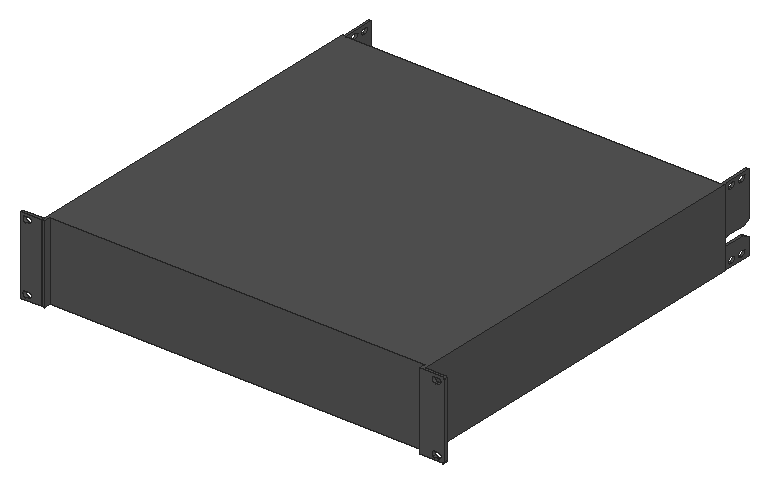
Revit family "D series - 2u", category Communication Devices, Revit 2020 (continued)
Lines and regions (mm)
  model lines, detail levels medium+fine
    curve 126: line (-149.126, 4.2, 42.064) -> (-148.974, 4.2, 42.146)
    curve 127: line (-149.459, 4.2, 42.064) -> (-149.126, 4.2, 42.064)
    curve 128: line (-149.689, 4.2, 42.199) -> (-149.459, 4.2, 42.064)
    curve 129: line (-150.004, 4.2, 42.762) -> (-149.689, 4.2, 42.199)
    curve 130: line (-152.56, 4.2, 42.772) -> (-150.022, 4.2, 42.772)
    curve 131: line (-152.893, 4.2, 42.199) -> (-152.578, 4.2, 42.762)
    curve 132: line (-153.123, 4.2, 42.064) -> (-152.893, 4.2, 42.199)
    curve 133: line (-153.466, 4.2, 42.064) -> (-153.123, 4.2, 42.064)
    curve 134: line (-153.615, 4.2, 42.32) -> (-153.466, 4.2, 42.064)
    curve 135: line (-153.358, 4.2, 42.773) -> (-153.615, 4.2, 42.32)
    curve 136: line (-155.493, 4.2, 42.773) -> (-153.358, 4.2, 42.773)
    curve 137: line (-155.698, 4.2, 42.978) -> (-155.493, 4.2, 42.773)
    curve 138: line (-155.698, 4.2, 45.455) -> (-155.698, 4.2, 42.978)
    curve 139: line (-155.493, 4.2, 45.66) -> (-155.698, 4.2, 45.455)
    curve 140: line (-155.21, 4.2, 45.66) -> (-155.493, 4.2, 45.66)
    curve 141: line (-155.005, 4.2, 45.455) -> (-155.21, 4.2, 45.66)
    curve 142: line (-155.005, 4.2, 43.411) -> (-155.005, 4.2, 45.455)
    curve 143: line (-153.009, 4.2, 43.411) -> (-155.005, 4.2, 43.411)
    curve 144: line (-151.798, 4.2, 45.526) -> (-152.99, 4.2, 43.421)
    curve 145: line (-151.568, 4.2, 45.66) -> (-151.798, 4.2, 45.526)
    curve 146: line (-151.019, 4.2, 45.66) -> (-151.568, 4.2, 45.66)
    curve 147: line (-150.79, 4.2, 45.526) -> (-151.019, 4.2, 45.66)
    curve 148: line (-146.739, 4.2, 45.017) -> (-145.805, 4.2, 44.617)
    curve 149: line (-148.393, 4.2, 45.017) -> (-146.739, 4.2, 45.017)
    curve 150: line (-148.393, 4.2, 44.212) -> (-148.393, 4.2, 45.017)
    curve 151: line (-146.739, 4.2, 44.212) -> (-148.393, 4.2, 44.212)
    curve 152: line (-145.923, 4.2, 44.283) -> (-146.739, 4.2, 44.212)
    curve 153: line (-145.805, 4.2, 44.617) -> (-145.923, 4.2, 44.283)
    curve 154: line (-145.189, 4.2, 42.351) -> (-145.333, 4.2, 43.969)
    curve 155: line (-146.739, 4.2, 42.051) -> (-145.189, 4.2, 42.351)
    curve 156: line (-148.12, 4.2, 42.051) -> (-146.739, 4.2, 42.051)
    curve 157: line (-148.21, 4.2, 42.257) -> (-148.12, 4.2, 42.051)
    curve 158: line (-146.739, 4.2, 42.691) -> (-148.21, 4.2, 42.257)
    curve 159: line (-145.768, 4.2, 43.483) -> (-146.739, 4.2, 42.691)
    curve 160: line (-146.739, 4.2, 43.572) -> (-145.768, 4.2, 43.483)
    curve 161: line (-148.395, 4.2, 43.572) -> (-146.739, 4.2, 43.572)
    curve 162: line (-148.395, 4.2, 42.87) -> (-148.395, 4.2, 43.572)
    curve 163: line (-148.987, 4.2, 43.407) -> (-148.395, 4.2, 42.87)
    curve 164: line (-149.088, 4.2, 43.637) -> (-148.987, 4.2, 43.407)
    curve 165: line (-149.088, 4.2, 45.451) -> (-149.088, 4.2, 43.637)
    curve 166: line (-148.883, 4.2, 45.657) -> (-149.088, 4.2, 45.451)
    curve 167: line (-146.821, 4.2, 45.657) -> (-148.883, 4.2, 45.657)
    curve 168: line (-146.655, 4.2, 45.655) -> (-146.821, 4.2, 45.657)
    curve 169: line (-145.964, 4.2, 45.636) -> (-146.655, 4.2, 45.655)
    curve 170: line (-145.211, 4.2, 45.201) -> (-145.964, 4.2, 45.636)
    curve 171: line (-145.333, 4.2, 43.969) -> (-145.211, 4.2, 45.201)
    curve 172: line (-158.19, 4.2, 43.27) -> (-160.422, 4.2, 43.769)
    curve 173: line (-159.535, 4.2, 41.911) -> (-158.183, 4.2, 43.263)
    curve 174: line (-162.573, 4.2, 43.798) -> (-159.535, 4.2, 41.911)
    curve 175: line (-162.415, 4.2, 44.033) -> (-162.573, 4.2, 43.798)
    curve 176: line (-161.198, 4.2, 42.321) -> (-162.415, 4.2, 44.033)
    curve 177: line (-162.095, 4.2, 44.334) -> (-161.172, 4.2, 42.347)
    curve 178: line (-160.783, 4.2, 42.736) -> (-161.988, 4.2, 44.401)
    curve 179: line (-161.686, 4.2, 44.524) -> (-160.757, 4.2, 42.762)
    curve 180: line (-161.526, 4.2, 44.556) -> (-161.686, 4.2, 44.524)
    curve 181: line (-160.369, 4.2, 43.151) -> (-161.526, 4.2, 44.556)
    curve 182: line (-161.225, 4.2, 44.561) -> (-160.342, 4.2, 43.177)
    curve 183: line (-160.947, 4.2, 44.508) -> (-161.225, 4.2, 44.561)
    curve 184: line (-160.422, 4.2, 43.769) -> (-160.947, 4.2, 44.508)
    curve 185: line (-158.19, 4.2, 43.27) -> (-160.422, 4.2, 43.769)
    curve 186: line (-159.535, 4.2, 41.911) -> (-158.183, 4.2, 43.263)
    curve 187: line (-162.573, 4.2, 43.798) -> (-159.535, 4.2, 41.911)
    curve 188: line (-162.415, 4.2, 44.033) -> (-162.573, 4.2, 43.798)
    curve 189: line (-161.198, 4.2, 42.321) -> (-162.415, 4.2, 44.033)
    curve 190: line (-162.095, 4.2, 44.334) -> (-161.172, 4.2, 42.347)
    curve 191: line (-160.783, 4.2, 42.736) -> (-161.988, 4.2, 44.401)
    curve 192: line (-161.686, 4.2, 44.524) -> (-160.757, 4.2, 42.762)
    curve 193: line (-161.526, 4.2, 44.556) -> (-161.686, 4.2, 44.524)
    curve 194: line (-160.369, 4.2, 43.151) -> (-161.526, 4.2, 44.556)
    curve 195: line (-161.225, 4.2, 44.561) -> (-160.342, 4.2, 43.177)
    curve 196: line (-160.947, 4.2, 44.508) -> (-161.225, 4.2, 44.561)
    curve 197: line (-160.422, 4.2, 43.769) -> (-160.947, 4.2, 44.508)
    curve 198: line (-157.802, 4.2, 44.211) -> (-160.839, 4.2, 46.09)
    curve 199: line (-157.962, 4.2, 43.972) -> (-157.802, 4.2, 44.211)
    curve 200: line (-159.179, 4.2, 45.684) -> (-157.962, 4.2, 43.972)
    curve 201: line (-158.282, 4.2, 43.672) -> (-159.206, 4.2, 45.658)
    curve 202: line (-159.593, 4.2, 45.269) -> (-158.389, 4.2, 43.605)
    curve 203: line (-158.691, 4.2, 43.481) -> (-159.62, 4.2, 45.243)
    curve 204: line (-158.851, 4.2, 43.449) -> (-158.691, 4.2, 43.481)
    curve 205: line (-160.009, 4.2, 44.854) -> (-158.851, 4.2, 43.449)
    curve 206: line (-159.152, 4.2, 43.444) -> (-160.035, 4.2, 44.828)
    curve 207: line (-159.43, 4.2, 43.497) -> (-159.152, 4.2, 43.444)
    curve 208: line (-162.192, 4.2, 44.737) -> (-159.43, 4.2, 43.497)
    curve 209: line (-160.839, 4.2, 46.09) -> (-162.192, 4.2, 44.737)
    curve 210: line (-157.802, 4.2, 44.211) -> (-160.839, 4.2, 46.09)
    curve 211: line (-157.962, 4.2, 43.972) -> (-157.802, 4.2, 44.211)
    curve 212: line (-159.179, 4.2, 45.684) -> (-157.962, 4.2, 43.972)
    curve 213: line (-158.282, 4.2, 43.672) -> (-159.206, 4.2, 45.658)
    curve 214: line (-159.593, 4.2, 45.269) -> (-158.389, 4.2, 43.605)
    curve 215: line (-158.691, 4.2, 43.481) -> (-159.62, 4.2, 45.243)
    curve 216: line (-158.851, 4.2, 43.449) -> (-158.691, 4.2, 43.481)
    curve 217: line (-160.009, 4.2, 44.854) -> (-158.851, 4.2, 43.449)
    curve 218: line (-159.152, 4.2, 43.444) -> (-160.035, 4.2, 44.828)
    curve 219: line (-159.43, 4.2, 43.497) -> (-159.152, 4.2, 43.444)
    curve 220: line (-162.192, 4.2, 44.737) -> (-159.43, 4.2, 43.497)
    curve 221: line (-160.839, 4.2, 46.09) -> (-162.192, 4.2, 44.737)
    curve 222: line (-158.183, 4.2, 43.263) -> (-159.535, 4.2, 41.911)
    curve 223: line (-160.947, 4.2, 44.508) -> (-158.19, 4.2, 43.27)
    curve 224: line (-161.225, 4.2, 44.561) -> (-160.947, 4.2, 44.508)
    curve 225: line (-160.342, 4.2, 43.177) -> (-161.225, 4.2, 44.561)
    curve 226: line (-161.526, 4.2, 44.556) -> (-160.369, 4.2, 43.151)
    curve 227: line (-161.686, 4.2, 44.524) -> (-161.526, 4.2, 44.556)
    curve 228: line (-160.757, 4.2, 42.762) -> (-161.686, 4.2, 44.524)
    curve 229: line (-161.988, 4.2, 44.401) -> (-160.783, 4.2, 42.736)
    curve 230: line (-161.172, 4.2, 42.347) -> (-162.095, 4.2, 44.333)
    curve 231: line (-162.415, 4.2, 44.033) -> (-161.198, 4.2, 42.321)
    curve 232: line (-162.573, 4.2, 43.798) -> (-162.415, 4.2, 44.033)
    curve 233: line (-159.535, 4.2, 41.911) -> (-162.573, 4.2, 43.798)
    curve 234: line (-157.802, 4.2, 44.211) -> (-157.962, 4.2, 43.972)
    curve 235: line (-160.839, 4.2, 46.09) -> (-157.802, 4.2, 44.211)
    curve 236: line (-162.192, 4.2, 44.737) -> (-160.839, 4.2, 46.09)
    curve 237: line (-159.43, 4.2, 43.497) -> (-162.192, 4.2, 44.737)
    curve 238: line (-159.152, 4.2, 43.444) -> (-159.43, 4.2, 43.497)
    curve 239: line (-160.035, 4.2, 44.828) -> (-159.152, 4.2, 43.444)
    curve 240: line (-158.851, 4.2, 43.449) -> (-160.008, 4.2, 44.854)
    curve 241: line (-158.691, 4.2, 43.481) -> (-158.851, 4.2, 43.449)
    curve 242: line (-159.62, 4.2, 45.243) -> (-158.691, 4.2, 43.481)
    curve 243: line (-158.389, 4.2, 43.605) -> (-159.593, 4.2, 45.269)
    curve 244: line (-159.206, 4.2, 45.658) -> (-158.282, 4.2, 43.672)
    curve 245: line (-157.962, 4.2, 43.972) -> (-159.179, 4.2, 45.684)
    curve 246: line (116.374, 4.2, 43.812) -> (116.374, 4.2, 44.148)
    curve 247: line (115.523, 4.2, 42.708) -> (116.374, 4.2, 43.812)
    curve 248: line (113.419, 4.2, 42.708) -> (115.523, 4.2, 42.708)
    curve 249: line (113.419, 4.2, 45.27) -> (113.419, 4.2, 42.708)
    curve 250: line (115.591, 4.2, 45.27) -> (113.419, 4.2, 45.27)
    curve 251: line (116.374, 4.2, 44.148) -> (115.591, 4.2, 45.27)
    curve 252: line (113.005, 4.2, 42.344) -> (113.005, 4.2, 45.633)
    curve 253: line (115.468, 4.2, 42.344) -> (113.005, 4.2, 42.344)
    curve 254: line (115.481, 4.2, 45.633) -> (115.468, 4.2, 42.344)
    curve 255: line (113.005, 4.2, 45.633) -> (115.481, 4.2, 45.633)
    curve 256: line (119.486, 4.2, 43.139) -> (119.486, 4.2, 43.38)
    curve 257: line (120.624, 4.2, 42.308) -> (119.486, 4.2, 43.139)
    curve 258: line (121.776, 4.2, 42.308) -> (120.624, 4.2, 42.308)
    curve 259: line (123.008, 4.2, 43.176) -> (121.776, 4.2, 42.308)
    curve 260: line (123.008, 4.2, 43.389) -> (123.008, 4.2, 43.176)
    curve 261: line (121.861, 4.2, 44.198) -> (123.008, 4.2, 43.389)
    curve 262: line (120.633, 4.2, 44.198) -> (121.861, 4.2, 44.198)
    curve 263: line (120.955, 4.2, 45.306) -> (120.633, 4.2, 44.198)
    curve 264: line (121.395, 4.2, 45.306) -> (120.955, 4.2, 45.306)
    curve 265: line (122.542, 4.2, 44.689) -> (121.395, 4.2, 45.306)
    curve 266: line (122.932, 4.2, 44.689) -> (122.542, 4.2, 44.689)
    curve 267: line (121.645, 4.2, 45.67) -> (122.932, 4.2, 44.802)
    curve 268: line (120.752, 4.2, 45.67) -> (121.645, 4.2, 45.67)
    curve 269: line (121.162, 4.2, 43.798) -> (120.752, 4.2, 45.67)
    curve 270: line (121.949, 4.2, 43.798) -> (121.162, 4.2, 43.798)
    curve 271: line (121.84, 4.2, 42.671) -> (121.949, 4.2, 43.798)
    curve 272: line (120.552, 4.2, 42.671) -> (121.84, 4.2, 42.671)
    curve 273: line (119.875, 4.2, 43.148) -> (120.552, 4.2, 42.671)
    curve 274: line (119.875, 4.2, 43.38) -> (119.875, 4.2, 43.148)
    curve 275: line (119.486, 4.2, 43.38) -> (119.875, 4.2, 43.38)
    curve 276: line (123.74, 4.2, 42.344) -> (123.74, 4.2, 45.633)
    curve 277: line (126.767, 4.2, 42.344) -> (123.74, 4.2, 42.344)
    curve 278: line (126.767, 4.2, 42.708) -> (126.767, 4.2, 42.344)
    curve 279: line (124.155, 4.2, 42.708) -> (126.767, 4.2, 42.708)
    curve 280: line (124.155, 4.2, 43.857) -> (124.155, 4.2, 42.708)
    curve 281: line (126.649, 4.2, 43.857) -> (124.155, 4.2, 43.857)
    curve 282: line (126.649, 4.2, 44.221) -> (126.649, 4.2, 43.857)
    curve 283: line (124.155, 4.2, 44.221) -> (126.649, 4.2, 44.221)
    curve 284: line (124.155, 4.2, 45.27) -> (124.155, 4.2, 44.221)
    curve 285: line (126.75, 4.2, 45.27) -> (124.155, 4.2, 45.27)
    curve 286: line (126.75, 4.2, 45.633) -> (126.75, 4.2, 45.27)
    curve 287: line (123.74, 4.2, 45.633) -> (126.75, 4.2, 45.633)
    curve 288: line (127.787, 4.2, 44.007) -> (129.777, 4.2, 44.007)
    curve 289: line (127.787, 4.2, 45.27) -> (127.787, 4.2, 44.007)
    curve 290: line (129.675, 4.2, 45.27) -> (127.787, 4.2, 45.27)
    curve 291: line (130.433, 4.2, 44.784) -> (129.675, 4.2, 45.27)
    curve 292: line (130.433, 4.2, 44.484) -> (130.433, 4.2, 44.784)
    curve 293: line (129.777, 4.2, 44.007) -> (130.433, 4.2, 44.484)
    curve 294: line (127.372, 4.2, 42.344) -> (127.372, 4.2, 45.633)
    curve 295: line (127.787, 4.2, 42.344) -> (127.372, 4.2, 42.344)
    curve 296: line (127.787, 4.2, 43.644) -> (127.787, 4.2, 42.344)
    curve 297: line (129.811, 4.2, 43.644) -> (127.787, 4.2, 43.644)
    curve 298: line (130.421, 4.2, 43.067) -> (129.811, 4.2, 43.644)
    curve 299: line (130.421, 4.2, 42.344) -> (130.421, 4.2, 43.067)
    curve 300: line (130.81, 4.2, 42.344) -> (130.421, 4.2, 42.344)
    curve 301: line (130.81, 4.2, 43.185) -> (130.81, 4.2, 42.344)
    curve 302: line (130.281, 4.2, 43.807) -> (130.81, 4.2, 43.185)
    curve 303: line (130.848, 4.2, 44.434) -> (130.281, 4.2, 43.807)
    curve 304: line (130.848, 4.2, 44.702) -> (130.848, 4.2, 44.434)
    curve 305: line (129.824, 4.2, 45.633) -> (130.848, 4.2, 44.702)
    curve 306: line (127.372, 4.2, 45.633) -> (129.824, 4.2, 45.633)
    curve 307: line (131.589, 4.2, 42.344) -> (131.589, 4.2, 45.633)
    curve 308: line (132.004, 4.2, 42.344) -> (131.589, 4.2, 42.344)
    curve 309: line (132.004, 4.2, 45.633) -> (132.004, 4.2, 42.344)
    curve 310: line (131.589, 4.2, 45.633) -> (132.004, 4.2, 45.633)
    curve 311: line (132.829, 4.2, 42.344) -> (132.829, 4.2, 45.633)
    curve 312: line (135.856, 4.2, 42.344) -> (132.829, 4.2, 42.344)
    curve 313: line (135.856, 4.2, 42.708) -> (135.856, 4.2, 42.344)
    curve 314: line (133.244, 4.2, 42.708) -> (135.856, 4.2, 42.708)
    curve 315: line (133.244, 4.2, 43.857) -> (133.244, 4.2, 42.708)
    curve 316: line (135.737, 4.2, 43.857) -> (133.244, 4.2, 43.857)
    curve 317: line (135.737, 4.2, 44.221) -> (135.737, 4.2, 43.857)
    curve 318: line (133.244, 4.2, 44.221) -> (135.737, 4.2, 44.221)
    curve 319: line (133.244, 4.2, 45.27) -> (133.244, 4.2, 44.221)
    curve 320: line (135.839, 4.2, 45.27) -> (133.244, 4.2, 45.27)
    curve 321: line (135.839, 4.2, 45.633) -> (135.839, 4.2, 45.27)
    curve 322: line (132.829, 4.2, 45.633) -> (135.839, 4.2, 45.633)
    curve 323: line (136.411, 4.2, 43.139) -> (136.411, 4.2, 43.38)
    curve 324: line (137.549, 4.2, 42.308) -> (136.411, 4.2, 43.139)
    curve 325: line (138.701, 4.2, 42.308) -> (137.549, 4.2, 42.308)
    curve 326: line (139.932, 4.2, 43.176) -> (138.701, 4.2, 42.308)
    curve 327: line (139.932, 4.2, 43.389) -> (139.932, 4.2, 43.176)
    curve 328: line (138.785, 4.2, 44.198) -> (139.932, 4.2, 43.389)
    curve 329: line (137.558, 4.2, 44.198) -> (138.785, 4.2, 44.198)
    curve 330: line (137.88, 4.2, 45.306) -> (137.558, 4.2, 44.198)
    curve 331: line (138.32, 4.2, 45.306) -> (137.88, 4.2, 45.306)
    curve 332: line (139.467, 4.2, 44.689) -> (138.32, 4.2, 45.306)
    curve 333: line (139.856, 4.2, 44.689) -> (139.467, 4.2, 44.689)
    curve 334: line (138.57, 4.2, 45.67) -> (139.856, 4.2, 44.802)
    curve 335: line (137.676, 4.2, 45.67) -> (138.57, 4.2, 45.67)
    curve 336: line (138.087, 4.2, 43.798) -> (137.676, 4.2, 45.67)
    curve 337: line (138.874, 4.2, 43.798) -> (138.087, 4.2, 43.798)
    curve 338: line (138.764, 4.2, 42.671) -> (138.874, 4.2, 43.798)
    curve 339: line (137.477, 4.2, 42.671) -> (138.764, 4.2, 42.671)
    curve 340: line (136.8, 4.2, 43.148) -> (137.477, 4.2, 42.671)
    curve 341: line (136.8, 4.2, 43.38) -> (136.8, 4.2, 43.148)
    curve 342: line (136.411, 4.2, 43.38) -> (136.8, 4.2, 43.38)
    curve 343: line (62.74, 4.2, 50.337) -> (62.74, 4.2, 50.611)
    curve 344: line (62.713, 4.2, 50.337) -> (62.987, 4.2, 50.337)
    curve 345: line (62.713, 4.2, 50.611) -> (62.713, 4.2, 50.337)
    curve 346: line (62.987, 4.2, 50.611) -> (62.713, 4.2, 50.611)
    curve 347: line (62.729, 4.2, 50.682) -> (62.97, 4.2, 50.682)
    curve 348: line (62.642, 4.2, 50.354) -> (62.642, 4.2, 50.593)
    curve 349: line (62.97, 4.2, 50.266) -> (62.729, 4.2, 50.266)
    curve 350: line (62.693, 4.2, 49.339) -> (60.836, 4.2, 49.408)
    curve 351: line (61.351, 4.2, 49.254) -> (62.693, 4.2, 49.254)
    curve 352: line (61.793, 4.2, 48.643) -> (61.351, 4.2, 49.254)
    curve 353: line (62.145, 4.2, 48.925) -> (61.793, 4.2, 48.643)
    curve 354: line (62.669, 4.2, 48.925) -> (62.145, 4.2, 48.925)
    curve 355: line (60.836, 4.2, 49.408) -> (62.669, 4.2, 48.925)
    curve 356: line (61.366, 4.2, 49.677) -> (62.164, 4.2, 49.677)
    curve 357: line (62.164, 4.2, 49.677) -> (61.366, 4.2, 49.677)
    curve 358: line (57.269, 4.2, 49.658) -> (56.54, 4.2, 48.845)
    curve 359: line (57.098, 4.2, 49.853) -> (57.269, 4.2, 49.658)
    curve 360: line (56.601, 4.2, 49.853) -> (57.098, 4.2, 49.853)
    curve 361: line (58.14, 4.2, 50.427) -> (56.601, 4.2, 49.853)
    curve 362: line (58.266, 4.2, 48.819) -> (58.14, 4.2, 50.427)
    curve 363: line (58.378, 4.2, 48.257) -> (58.266, 4.2, 48.819)
    curve 364: line (57.821, 4.2, 48.165) -> (58.378, 4.2, 48.165)
    curve 365: line (57.775, 4.2, 48.48) -> (57.789, 4.2, 48.299)
    curve 366: line (56.54, 4.2, 48.845) -> (57.775, 4.2, 48.48)
    curve 367: line (57.696, 4.2, 48.823) -> (57.307, 4.2, 48.582)
    curve 368: line (57.757, 4.2, 49.148) -> (57.696, 4.2, 48.823)
    curve 369: line (57.757, 4.2, 49.388) -> (57.757, 4.2, 49.148)
    curve 370: line (57.52, 4.2, 49.282) -> (57.757, 4.2, 49.388)
    curve 371: line (57.061, 4.2, 48.819) -> (57.52, 4.2, 49.282)
    curve 372: line (57.307, 4.2, 48.582) -> (57.061, 4.2, 48.819)
    curve 373: line (59.575, 4.2, 49.209) -> (59.361, 4.2, 48.929)
    curve 374: line (59.361, 4.2, 48.929) -> (59.361, 4.2, 48.165)
    curve 375: line (59.361, 4.2, 48.165) -> (58.856, 4.2, 48.165)
    curve 376: line (58.856, 4.2, 48.165) -> (58.856, 4.2, 53.281)
    curve 377: line (58.856, 4.2, 53.281) -> (59.361, 4.2, 53.281)
    curve 378: line (59.361, 4.2, 53.281) -> (59.361, 4.2, 49.677)
    curve 379: line (59.361, 4.2, 49.677) -> (59.997, 4.2, 50.6)
    curve 380: line (59.997, 4.2, 50.6) -> (60.633, 4.2, 50.6)
    curve 381: line (60.633, 4.2, 50.6) -> (59.946, 4.2, 49.663)
    curve 382: line (59.946, 4.2, 49.663) -> (60.66, 4.2, 48.165)
    curve 383: line (60.66, 4.2, 48.165) -> (60.039, 4.2, 48.165)
    curve 384: line (60.039, 4.2, 48.165) -> (59.575, 4.2, 49.209)
    curve 385: line (55.566, 4.2, 53.291) -> (56.113, 4.2, 53.291)
    curve 386: line (56.113, 4.2, 53.291) -> (56.113, 4.2, 48.165)
    curve 387: line (56.113, 4.2, 48.165) -> (55.566, 4.2, 48.165)
    curve 388: line (55.566, 4.2, 48.165) -> (55.566, 4.2, 53.291)
    curve 389: line (54.843, 4.2, 55.946) -> (63.291, 4.2, 55.946)
    curve 390: line (63.291, 4.2, 55.946) -> (63.291, 4.2, 47.497)
    curve 391: line (63.291, 4.2, 47.497) -> (54.843, 4.2, 47.497)
    curve 392: line (54.843, 4.2, 47.497) -> (54.843, 4.2, 55.946)
  model lines
    curve 393: line (200.5, 4.2, 33.55) -> (200.5, 4.2, 54.45)
Dimensions and locks
  aligned and locked: level to plane 2
Connectors
  electrical at (-188.4, 425.4, 65.3)
    settings: on cut or joined group 1 (Extrusion 1, Extrusion 2, Extrusion 3, Extrusion 4, Extrusion 6, Extrusion 7, Extrusion 8, Extrusion 9, Extrusion 10, Extrusion 11, Extrusion 12, Extrusion 13, Extrusion 14, Extrusion 15, Extrusion 16, Extrusion 17, Extrusion 18, Extrusion 19, Extrusion 20), index 1, voltage 120 V, apparent load 0 VA, apparent load phase1 0 VA, apparent load phase2 0 VA, apparent load phase3 0 VA, power factor 1, load classification "Other", number of poles 1, system type 31, power factor state 1, is connector primary yes, connector utility no, sub classification motor no, connector description "100-240VAC Powercon"
  electrical at (-188.4, 425.4, 65.3)
    settings: on cut or joined group 1, index 2, voltage 0 V, apparent load 0 VA, apparent load phase1 0 VA, apparent load phase2 0 VA, apparent load phase3 0 VA, power factor 1, load classification "Other", number of poles 1, system type 31, power factor state 1, is connector primary no, connector utility no, sub classification motor no, connector description ""
  electrical at (192.224, 425.4, 63.311)
    settings: on cut or joined group 1, index 3, voltage 0 V, apparent load 0 VA, apparent load phase1 0 VA, apparent load phase2 0 VA, apparent load phase3 0 VA, power factor 1, load classification "Other", number of poles 1, system type 14, power factor state 1, is connector primary no, connector utility no, sub classification motor no, connector description "Speaker Out - 2pin"
  electrical at (165.224, 425.4, 63.311)
    settings: on cut or joined group 1, index 4, voltage 0 V, apparent load 0 VA, apparent load phase1 0 VA, apparent load phase2 0 VA, apparent load phase3 0 VA, power factor 1, load classification "Other", number of poles 1, system type 14, power factor state 1, is connector primary no, connector utility no, sub classification motor no, connector description "Speaker Out - 2pin"
  electrical at (131.225, 425.4, 63.311)
    settings: on cut or joined group 1, index 5, voltage 0 V, apparent load 0 VA, apparent load phase1 0 VA, apparent load phase2 0 VA, apparent load phase3 0 VA, power factor 1, load classification "Other", number of poles 1, system type 14, power factor state 1, is connector primary no, connector utility no, sub classification motor no, connector description "Speaker Out - 2pin"
  electrical at (104.195, 425.4, 63.311)
    settings: on cut or joined group 1, index 6, voltage 0 V, apparent load 0 VA, apparent load phase1 0 VA, apparent load phase2 0 VA, apparent load phase3 0 VA, power factor 1, load classification "Other", number of poles 1, system type 14, power factor state 1, is connector primary no, connector utility no, sub classification motor no, connector description "Speaker Out - 2pin"
  electrical at (76.215, 425.4, 58.947)
    settings: on cut or joined group 1, index 7, voltage 0 V, apparent load 0 VA, apparent load phase1 0 VA, apparent load phase2 0 VA, apparent load phase3 0 VA, power factor 1, load classification "Other", number of poles 1, system type 14, power factor state 1, is connector primary no, connector utility no, sub classification motor no, connector description "Analog In - 3pin"
  electrical at (50.158, 425.4, 58.947)
    settings: on cut or joined group 1, index 8, voltage 0 V, apparent load 0 VA, apparent load phase1 0 VA, apparent load phase2 0 VA, apparent load phase3 0 VA, power factor 1, load classification "Other", number of poles 1, system type 14, power factor state 1, is connector primary no, connector utility no, sub classification motor no, connector description "Analog In - 3pin"
  electrical at (24.012, 425.4, 58.947)
    settings: on cut or joined group 1, index 9, voltage 0 V, apparent load 0 VA, apparent load phase1 0 VA, apparent load phase2 0 VA, apparent load phase3 0 VA, power factor 1, load classification "Other", number of poles 1, system type 14, power factor state 1, is connector primary no, connector utility no, sub classification motor no, connector description "Analog In - 3pin"
  electrical at (-2.087, 425.4, 58.947)
    settings: on cut or joined group 1, index 10, voltage 0 V, apparent load 0 VA, apparent load phase1 0 VA, apparent load phase2 0 VA, apparent load phase3 0 VA, power factor 1, load classification "Other", number of poles 1, system type 14, power factor state 1, is connector primary no, connector utility no, sub classification motor no, connector description "Analog In - 3pin"
  electrical at (-31.864, 425.4, 58.947)
    settings: on cut or joined group 1, index 11, voltage 0 V, apparent load 0 VA, apparent load phase1 0 VA, apparent load phase2 0 VA, apparent load phase3 0 VA, power factor 1, load classification "Other", number of poles 1, system type 14, power factor state 1, is connector primary no, connector utility no, sub classification motor no, connector description "AES3 In - 3pin"
  electrical at (-57.971, 425.4, 58.947)
    settings: on cut or joined group 1, index 12, voltage 0 V, apparent load 0 VA, apparent load phase1 0 VA, apparent load phase2 0 VA, apparent load phase3 0 VA, power factor 1, load classification "Other", number of poles 1, system type 14, power factor state 1, is connector primary no, connector utility no, sub classification motor no, connector description "AES3 In - 3pin"
  electrical at (-83.75, 425.4, 65.667)
    settings: on cut or joined group 1, index 13, voltage 0 V, apparent load 0 VA, apparent load phase1 0 VA, apparent load phase2 0 VA, apparent load phase3 0 VA, power factor 1, load classification "Other", number of poles 1, system type 14, power factor state 1, is connector primary no, connector utility no, sub classification motor no, connector description "Network - RJ45 Ethercon"
  electrical at (-108.75, 425.4, 65.667)
    settings: on cut or joined group 1, index 14, voltage 0 V, apparent load 0 VA, apparent load phase1 0 VA, apparent load phase2 0 VA, apparent load phase3 0 VA, power factor 1, load classification "Other", number of poles 1, system type 14, power factor state 1, is connector primary no, connector utility no, sub classification motor no, connector description "Network - RJ45 Ethercon"
